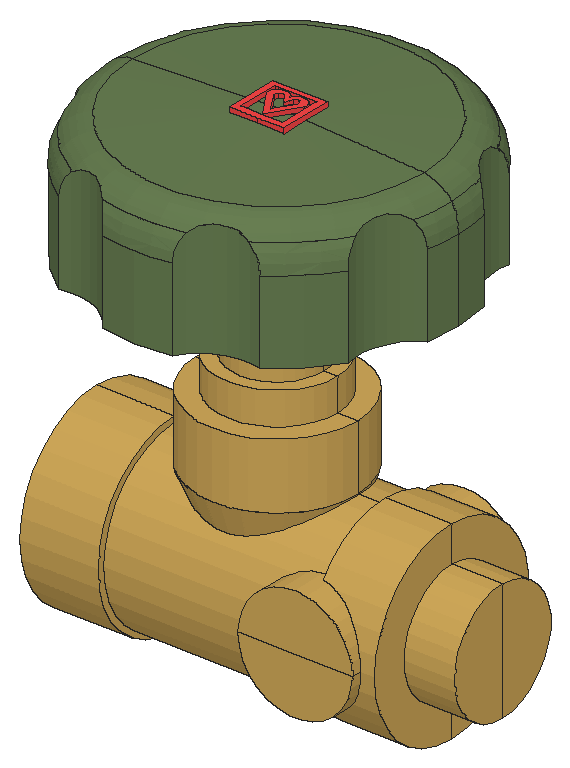
Revit family "Herz Strömax 4215 W IG-AG", category Rohrzubehör, Revit 2021
Family settings
  Bemaßung runder Anschluss = Durchmesser verwenden
  Teiletyp = Unterbricht
  OmniClass-Nummer = 23.65.55.14
  OmniClass-Titel = Valves for Liquid Services
  Arbeitsebenenbasiert = Nein
  Immer vertikal = Ja
  Beim Laden mit Abzugskörper schneiden = Nein
  Gemeinsam genutzt = Nein
Parameters
  Vorgabe-Ansicht = 0 mm
  URL = "www.herzvalves.com"
  T01 = 17.5 mm  # constant formula
  SC_NennweiteBerechnet = 0
  SC_Dimension = ""
  SCTWSEQ = "FW;SBT_TYP_FW=\"106\";2"
  SCTWCODE = "04;01;02"  # constant formula
  S03 = 60 mm  # constant formula
  S02 [instance] = H01 + H02 + H03  # 46 mm
  S01 [instance] = R01 * 2  # 32 mm
  R09 [instance] = Nennweite Aus / 2  # 10 mm
  R08 [instance] = size_lookup("4215W_", "R8", 9.5 mm, Nennweite)  # 9.5 mm
  R07 = 3 mm  # constant formula
  R06 [instance] = size_lookup("4215W_", "R6", 7.8 mm, Nennweite)  # 7.8 mm
  R05 [instance] = size_lookup("4215W_", "R5", 10.1 mm, Nennweite)  # 10.1 mm
  R04 [instance] = size_lookup("4215W_", "R4", 13.5 mm, Nennweite)  # 13.5 mm
  R03 = 15 mm  # constant formula
  R02 [instance] = Nennweite / 2  # 7.5 mm
  R01 = 16 mm  # constant formula
  Part number = 2412561  # constant formula
  Note = "Pursuant to Article 33 of the REACH Regulation (EC No. 1907/2006), we are obliged to point out that the material lead is listed on the SVHC list and that all brass components manufactured in our products exceed 0.1% (w / w) lead (CAS: 7439-92-1 / EINECS: 231-100-4).\r\nSince lead is a component part of an alloy, actual exposure is not possible and therefore no additional information on safe use is necessary."
  Nennweite Aus [instance] = 20 mm  # constant formula
  Nennweite [instance] = 15 mm  # constant formula
  Min. flow at Dp 10 kPa [instance] = if(Nennweite = 15 mm, 0.2, if(Nennweite = 20 mm, 0.4, if(Nennweite = 25 mm, 0.7, if(Nennweite = 32 mm, 1.2, if(Nennweite = 40 mm, 1.6, if(Nennweite = 50 mm, 2.7, 0))))))  # 0.2
  Medium = "Water"  # constant formula
  Max. operating temperature = 90 °C  # constant formula
  Max. operating pressure = 1000000.0 Pa  # constant formula
  Max. differential pressure on closed seat = 1000000.0 Pa  # constant formula
  L06 = 18 mm  # constant formula
  L05 = 8.5 mm  # constant formula
  L04 = 37.5 mm  # constant formula
  L03 = 17 mm  # constant formula
  L02 = 12 mm  # constant formula
  L01 = 13 mm  # constant formula
  L00 = 30 mm  # constant formula
  Hersteller = "HERZ Armaturen Ges.m.b.H"  # constant formula
  Hand wheel = "plastic, green"  # constant formula
  H04 = 21 mm  # constant formula
  H03 = 14.6 mm  # constant formula
  H02 = 5.4 mm  # constant formula
  H01 = 26 mm  # constant formula
  H00 [instance] = H01 + H02 + H03  # 46 mm
  O-Rings = "EPDM"  # constant formula
  Body = "DZR brass acc. to EN1982"  # constant formula
  Application = "For shutting off drinking water pipes and systems in buildings."
Reference planes
  plane 1 "Mitte (Vorne/hinten)": y = 0
  plane 2: z = 0
  plane 3 "Mitte (Links/rechts)": x = 0
Forms (mm)
  Revolve 1, solid, material "Messing, weicher Gelbton, geschweißt", detail levels fine
    sketch origin (470, 0, 0) x (1, 0, 0) y (0, 0, 1)
      loop
        line (-500, 7.5) -> (-488, 7.5) -> (-488, 0) -> (-432.5, 0) -> (-432.5, 10) -> (-441, 10) -> (-441, 16) -> (-452, 16) -> (-452, 15) -> (-487, 15) -> (-487, 16) -> (-500, 16) -> (-500, 7.5)
      axis (-500, 0) -> (-432.5, 0)
    angle from 0 to 360
  Revolve 2, solid, material "Messing, weicher Gelbton, geschweißt", detail levels fine
    sketch origin (0, 0, 0) x (1, 0, 0) y (0, 0, 1)
      loop
        line (0, 0) -> (0, 46) -> (-7.8, 46) -> (-7.8, 31.4) -> (-10.1, 31.4) -> (-10.1, 26) -> (-13.5, 26) -> (-13.5, 15) -> (-7.5, 0) -> (0, 0)
      axis (0, 46) -> (0, 0)
    angle from 0 to 360
  Revolve 3, solid, material "Messing, weicher Gelbton, geschweißt", detail levels fine
    sketch origin (0, 0, 0) x (1, 0, 0) y (0, 1, 0)
      loop
        line (17, -17.5) -> (26.5, -17.5) -> (26.5, -7.5) -> (20, -7.5) -> (20, 7.5) -> (26.5, 7.5) -> (26.5, 17.5) -> (17, 17.5) -> (17, -17.5)
      axis (17, 17.5) -> (17, -17.5)
    angle from 0 to 360
Lines and regions (mm)
  model lines, detail levels coarse+medium
    curve 1: line (-30, 0, 16) -> (-30, 0, -16)
    curve 2: line (-30, 0, -16) -> (37.5, 0, 16)
    curve 3: line (37.5, 0, 16) -> (37.5, 0, -16)
    curve 4: line (37.5, 0, -16) -> (-30, 0, 16)
    curve 5: line (3.75, 0, 0) -> (3.75, 0, 46)
    curve 6: line (-26.25, 0, 46) -> (33.75, 0, 46)
    curve 7: line (-30, -16, 0) -> (-30, 16, 0)
    curve 8: line (-30, 16, 0) -> (37.5, -16, 0)
    curve 9: line (37.5, -16, 0) -> (37.5, 16, 0)
    curve 10: line (37.5, 16, 0) -> (-30, -16, 0)
    curve 11: line (3.75, 0, 0) -> (3.75, 46, 0)
    curve 12: line (-26.25, 46, 0) -> (33.75, 46, 0)
Dimensions and locks
  "R01": Revolve 1 sketch curve to Revolve 1 sketch curve  (x2)
  "R02": Revolve 1 sketch curve to Revolve 1 sketch curve
  "L01": Revolve 1 sketch curve to Revolve 1 sketch curve
  "L02": Revolve 1 sketch curve to Revolve 1 sketch curve
  "R03": Revolve 1 sketch curve to Revolve 1 sketch curve
  "R03": Revolve 2 sketch curve to Revolve 2 sketch curve
  "R02": Revolve 2 sketch curve to Revolve 2 sketch curve
  "R04": Revolve 2 sketch curve to Revolve 2 sketch curve
  "R05": Revolve 2 sketch curve to Revolve 2 sketch curve
  "R06": Revolve 2 sketch curve to Revolve 2 sketch curve
  "H01": Revolve 2 sketch curve to plane 2
  "T01": Revolve 3 sketch curve to plane 1 "Mitte (Vorne/hinten)" to Revolve 3 sketch curve
  "R02": Revolve 3 sketch curve to plane 1 "Mitte (Vorne/hinten)"
  "R02": plane 1 "Mitte (Vorne/hinten)" to Revolve 3 sketch curve
  "R07": Revolve 3 sketch curve to Revolve 3 sketch curve
  "R08": Revolve 3 sketch curve to Revolve 3 sketch curve
  "H02": Revolve 2 sketch curve to Revolve 2 sketch curve
  "H03": Revolve 2 sketch curve to Revolve 2 sketch curve
  "L00": plane 3 "Mitte (Links/rechts)" to Revolve 1 sketch curve
  "L04": Revolve 1 sketch curve to plane 3 "Mitte (Links/rechts)"
  "R09": Revolve 1 sketch curve to Revolve 1 sketch curve
  "L03": plane 3 "Mitte (Links/rechts)" to Revolve 3 sketch curve
  "L05": Revolve 1 sketch curve to Revolve 1 sketch curve
  "L06": Revolve 1 sketch curve to plane 3 "Mitte (Links/rechts)"
  "H00": nested 1 to plane 2
  "H04": nested 2 to Revolve 2
  equal spacing: curve 3, plane 2, curve 4
  "S01": curve 3 to curve 4
  equal spacing: curve 4, plane 2, curve 2
  "S01": curve 2 to curve 4
  "L00": curve 1 to plane 3 "Mitte (Links/rechts)"
  "L04": plane 3 "Mitte (Links/rechts)" to curve 3
  equal spacing: Revolve 1, curve 5, curve 3
  "S02": curve 5 to plane 2
  equal spacing: curve 6, curve 5, curve 6
  "S03": curve 6 to curve 6
  equal spacing: curve 10, plane 1 "Mitte (Vorne/hinten)", curve 8
  equal spacing: curve 9, plane 1 "Mitte (Vorne/hinten)", curve 10
  "S01": curve 8 to curve 7
  "S01": curve 10 to curve 9
  "L04": plane 3 "Mitte (Links/rechts)" to curve 9
  "L00": curve 7 to plane 3 "Mitte (Links/rechts)"
  equal spacing: curve 12, curve 11, curve 12
  equal spacing: curve 7, curve 11, curve 9
  "S03": curve 12 to curve 12
  "S02": plane 1 "Mitte (Vorne/hinten)" to curve 11
  aligned and locked: level to plane 2
Automatic sketch dimensions
  Revolve 1 sketch curve to level = 0 mm  (x2)
  Revolve 1 sketch curve to Revolve 1 sketch curve = 791.99 mm
  Revolve 1 sketch curve to Revolve 1 sketch curve = 2278.983 mm
  Revolve 2 sketch curve to level = 0 mm
  Revolve 2 sketch curve to plane 3 "Mitte (Links/rechts)" = 0 mm  (x2)
  Revolve 2 sketch curve to level = 366.045 mm
  Revolve 2 sketch curve to Revolve 2 sketch curve = 2165.278 mm
  Revolve 3 sketch curve to Revolve 3 sketch curve = 9.5 mm
  Revolve 3 sketch curve to Revolve 3 sketch curve = 0 mm
  Revolve 3 sketch curve to Revolve 3 sketch curve = 4.553 mm
  Revolve 3 sketch curve to Revolve 3 sketch curve = 3.768 mm
Nested families
  nested 1: "Strömax-Handrad (Grün)" at (0.258, 0, 46), type "Strömax-Handrad (Grün)", detail levels fine
    with Nennweite 0 mm, Gewicht 0.00 kg, Bestellnummer 0
  nested 2: "Herz-Logo" at (0.258, 0, 67), type "Herz-Logo", detail levels fine
Connectors
  piping at (-18, 0, 0), diameter 15, driven by "Nennweite"
    settings: on Revolve 1, index 1, connector inside diameter 609.6 mm, connector length 0 mm, flow factor 0, pipe flow 0.0 L/s, pressure drop 0.0 Pa, fitting loss kfactor 0, connector angle 0.00°, fixture units 0, engagement length 0 mm, angle of deflection 0.00°, flow configuration 0, flow direction 1, fitting loss method 0, system type 29, joint type 0, gender type 0, connector reference index -1, connector utility 0, adjustable connector no, is connector primary yes, connector description ""
  piping at (37.5, 0, 0), diameter 20, driven by "Nennweite Aus"
    settings: on Revolve 1, index 2, connector inside diameter 609.6 mm, connector length 0 mm, flow factor 0, pipe flow 0.0 L/s, pressure drop 0.0 Pa, fitting loss kfactor 0, connector angle 0.00°, fixture units 0, engagement length 0 mm, angle of deflection 0.00°, flow configuration 0, flow direction 2, fitting loss method 0, system type 29, joint type 0, gender type 0, connector reference index -1, connector utility 0, adjustable connector no, is connector primary no, connector description ""
Definition of nested family "Strömax-Handrad (Grün)"
  Parameters (values of type "Strömax-Handrad (Grün)")
    Default Elevation = 0 mm
    URL = "www.herz-armaturen.at"
    Nennweite [instance] = 0 mm
    Manufacturer = "Herz Armaturen GmbH"  # constant formula
    Gewicht [instance] = 0.00 kg
    Bestellnummer [instance] = 0
  Reference planes
    plane 1 "Mitte (Vorne/hinten)": y = 0
    plane 2: z = 0
    plane 3 "Mitte (Links/rechts)": x = 0
  Forms (mm)
    Revolve 1, solid
      sketch origin (0, 0, 0) x (1, 0, 0) y (0, 0, 1)
        loop
          line (0, 0) -> (0, 22)
          arc (0, 22) -> (-12.15, 21.705) -> (-24.271, 20.819) r 250
          arc (-24.271, 20.819) -> (-26.831, 19.959) -> (-28.754, 18.063) r 6
          arc (-28.754, 18.063) -> (-29.682, 16.008) -> (-30, 13.776) r 8
          line (-30, 13.776) -> (-30, 0) -> (0, 0)
        axis (0, 22) -> (0, 0)
      angle from 0 to 360
    Extrusion 2, void
      sketch origin (0, 0, 0) x (1, 0, 0) y (0, 1, 0)
        loop
          circle (14.351, -34.645) r 10
      from 0 to 22
    Extrusion 3, void
      sketch origin (0, 0, 0) x (-1, 0, 0) y (0, -1, 0)
        loop
          circle (14.351, 34.645) r 10
      from 0 to 22
    Extrusion 4, void
      sketch origin (0, 0, 0) x (0, -1, 0) y (1, 0, 0)
        loop
          circle (14.351, 34.645) r 10
      from 0 to 22
    Extrusion 5, void
      sketch origin (0, 0, 0) x (0, 1, 0) y (-1, 0, 0)
        loop
          circle (14.351, -34.645) r 10
      from 0 to 22
    Extrusion 6, void
      sketch origin (0, 0, 0) x (0, -1, 0) y (1, 0, 0)
        loop
          circle (14.351, -34.645) r 10
      from 0 to 22
    Extrusion 7, void
      sketch origin (0, 0, 0) x (0, 1, 0) y (-1, 0, 0)
        loop
          circle (14.351, 34.645) r 10
      from 0 to 22
    Extrusion 8, void
      sketch origin (0, 0, 0) x (1, 0, 0) y (0, 1, 0)
        loop
          circle (14.351, 34.645) r 10
      from 0 to 22
    Extrusion 9, void
      sketch origin (0, 0, 0) x (-1, 0, 0) y (0, -1, 0)
        loop
          circle (14.351, -34.645) r 10
      from 0 to 22
  Cuts and joins
    Extrusion 2, Extrusion 3, Extrusion 4, Extrusion 5, Extrusion 6, Extrusion 7, Extrusion 8, Extrusion 9 cuts Revolve 1
  Dimensions and locks
    aligned and locked: level to plane 2
Definition of nested family "Herz-Logo"
  Parameters (values of type "Herz-Logo")
    Default Elevation = 0 mm
  Reference planes
    plane 1 "Mitte (Vorne/hinten)": y = 0
    plane 2: z = 0
    plane 3 "Mitte (Links/rechts)": x = 0
  Forms (mm)
    Extrusion 1, solid
      sketch origin (0, 0, 0) x (1, 0, 0) y (0, 1, 0)
        loop
          line (-0.018, -4.517) -> (4.482, -4.517) -> (4.482, 4.483) -> (-4.518, 4.483) -> (-4.518, -4.517) -> (-0.018, -4.517)
        loop
          line (-0.05, -3.48) -> (3.482, -3.48) -> (3.482, 3.483) -> (-3.518, 3.483) -> (-3.518, -3.48) -> (-0.05, -3.48)
        loop
          arc (-0.018, 2.383) -> (-1.543, 3.287) -> (-3.067, 2.383) r 1.738
          arc (-3.067, 2.383) -> (-3.191, 1.899) -> (-3.067, 1.415) r 1.009
          line (-3.067, 1.415) -> (-0.018, -3.281) -> (3.032, 1.415)
          arc (3.032, 1.415) -> (3.156, 1.899) -> (3.032, 2.383) r 1.009
          arc (3.032, 2.383) -> (1.507, 3.287) -> (-0.018, 2.383) r 1.738
        loop
          arc (1.885, 1.272) -> (2.005, 1.675) -> (1.885, 2.079) r 0.74
          arc (1.885, 2.079) -> (1.265, 2.416) -> (0.644, 2.079) r 0.74
          line (0.644, 2.079) -> (-0.018, 0.97) -> (-0.679, 2.079)
          arc (-0.679, 2.079) -> (-1.3, 2.416) -> (-1.921, 2.079) r 0.74
          arc (-1.921, 2.079) -> (-2.04, 1.675) -> (-1.921, 1.272) r 0.74
          line (-1.921, 1.272) -> (-0.018, -1.658) -> (1.885, 1.272)
      from 0 to 1.5
  Dimensions and locks
    aligned and locked: level to plane 2
